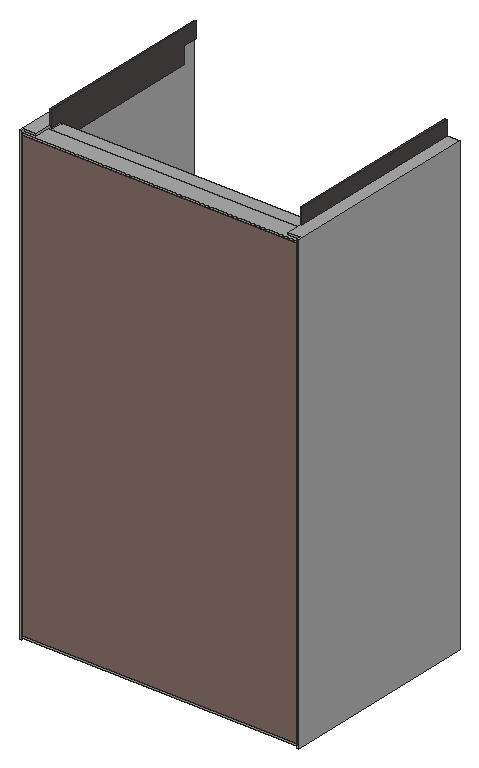
Revit family "vanity unit-hansgrohe-54168XXX-Xevolos E Vanity unit Slate Matt Grey 340_245 for handrinse basin, door hinge left", category Furniture, Revit 2019
Family settings
  OmniClass Number = 23.40.00.00
  OmniClass Title = Equipment and Furnishings
  Work Plane-Based = No
  Always vertical = Yes
  Cut with Voids When Loaded = No
  Shared = Yes
  Room Calculation Point = No
Parameters (values of type "54168730-SLATE_MATT_GREY-DARK_OAK-400")
  etim7_EC011381 = "EC011381"
  WEIGHT = "9.2"
  UNSPSC = "56 | Furniture and Furnishings"
  UNIFORMATII = "E2010 | Fixed Furnishings"
  UNICLASS_2015_CODE = "40_30_78_05"
  UNICLASS2015 = "Pr_40_30_78_05 | Bathroom furniture"
  SURFACE = "DARK_OAK"
  REGION = "Worldwide"
  PRODUCTURL = "https://pro.hansgrohe.com/articledetail--54168770"
  PERMALINK = "54168XXX"
  OMNICLASS = "23-21 19 15 33 13 | Residential Bathroom Specialty Casework"
  OBJECTTYPE = "Object (single object)"
  OBERFLAECHE = "SLATE_MATT_GREY"
  NN = "Vanity Unit for handrinse basin, door hinge"
  NBSYN = "$ARTNR.-$OBERFLAECHE.-$SURFACE.-$LODLEVEL."
  NB = "54168730-SLATE_MATT_GREY-DARK_OAK-400"
  NAME = "Xevolos E Vanity unit Slate Matt Grey 340/245 for handrinse basin, door hinge left"
  Model = "54168730-SLATE_MATT_GREY-DARK_OAK-400"
  Manufacturer = "Hansgrohe"
  MIdent = "{$CADENAS_DATA/23d-libs/hansgrohe/xevolos_furniture/xevolos_vanity_unit_for_handrinse_basin_door_hinge/vanity_unit_for_handrinse_basin_with_door_hing.prj},259 {VTYP=3D},{NB=54168730-SLATE_MATT_GREY-DARK_OAK-400},{LINA=54168730-SLATE_MATT_GREY-DARK_OAK-400},{NN=Vanity Unit for handrinse basin, door hinge},{DATE=13.03.2023 12:26:36},{GEOMDATE=12.03.2023 06:59:00},{VERSION=},{LINEID=80},{WBVAR=LODLEVEL},{WBNUMERIC=}  {NB=54168730-SLATE_MATT_GREY-DARK_OAK-400},{LINA=54168730-SLATE_MATT_GREY-DARK_OAK-400},{KT=DUMMY},{IDNR=8},{ARTNR=54168730},{BASENUMBER=54168},{MODEL=54168XXX},{OBERFLAECHE=SLATE_MATT_GREY},{SURFACE=DARK_OAK},{L=340},{LODLEVEL=400},{LODLEVELX='400','400','200','200'},{NAME=Xevolos E Vanity unit Slate Matt Grey 340/245 for handrinse basin, door hinge left},{PERMALINK=54168XXX},{OBJECTTYPE=Object (single object)},{BIMOBJECT=Sanitary: Compound units},{COLLECTIONSET=Xevolos E},{COLLECTION=vanity unit},{WEIGHT=9.2},{DESCRIPTION=Xevolos E Vanity unit Slate Matt Grey 340/245 for handrinse basin, door hinge left},{PRODUCTURL=https://pro.hansgrohe.com/articledetail--54168770},{GTINCODE=},{TENDERURL=},{IFC=Furnishing element},{ETIM=EC011381 | Bathroom furniture set},{UNICLASS2015=Pr_40_30_78_05 | Bathroom furniture},{OMNICLASS=23-21 19 15 33 13 | Residential Bathroom Specialty Casework},{MASTERFORMAT=12 35 30.23 | Bathroom Casework},{UNSPSC=56 | Furniture and Furnishings},{UNIFORMATII=E2010 | Fixed Furnishings},{REGION=Worldwide},{DESIGN=Germany},{MANUFACTURER=Germany}"
  MASTERFORMAT = "12 35 30.23 | Bathroom Casework"
  LODLEVEL = "400"
  LINA = "54168730-SLATE_MATT_GREY-DARK_OAK-400"
  L = 340
  IFC = "Furnishing element"
  IDNR = 8
  ETIM = "EC011381 | Bathroom furniture set"
  DESIGN = "Germany"
  COLLECTIONSET = "Xevolos E"
  COLLECTION = "vanity unit"
  CATALOG = "Hansgrohe"
  BIMOBJECT = "Sanitary: Compound units"
  BASENUMBER = "54168"
  ARTNR = "54168730"
  54168770-SLATE_MATT_GREY-METALLIC_SLATE_GREY-400_RX0RY0RZ0TX0TY0TZ0_V = no
  54168770-SLATE_MATT_GREY-METALLIC_SLATE_GREY-200_RX0RY0RZ0TX0TY0TZ0_V = no
  54168730-SLATE_MATT_GREY-DARK_OAK-400_RX0RY0RZ0TX0TY0TZ0_V = yes
  54168730-SLATE_MATT_GREY-DARK_OAK-200_RX0RY0RZ0TX0TY0TZ0_V = no
  54168390-SLATE_MATT_GREY-PATTEREND_BRONZE-400_RX0RY0RZ0TX0TY0TZ0_V = no
  54168390-SLATE_MATT_GREY-PATTEREND_BRONZE-200_RX0RY0RZ0TX0TY0TZ0_V = no
Types (6, lengths in mm): name | SURFACE | NB | Model | MIdent | LODLEVEL | LINA | IDNR | ARTNR | 54168770-SLATE_MATT_GREY-METALLIC_SLATE_GREY-400_RX0RY0RZ0TX0TY0TZ0_V | 54168770-SLATE_MATT_GREY-METALLIC_SLATE_GREY-200_RX0RY0RZ0TX0TY0TZ0_V | 54168730-SLATE_MATT_GREY-DARK_OAK-400_RX0RY0RZ0TX0TY0TZ0_V | 54168730-SLATE_MATT_GREY-DARK_OAK-200_RX0RY0RZ0TX0TY0TZ0_V | 54168390-SLATE_MATT_GREY-PATTEREND_BRONZE-400_RX0RY0RZ0TX0TY0TZ0_V | 54168390-SLATE_MATT_GREY-PATTEREND_BRONZE-200_RX0RY0RZ0TX0TY0TZ0_V
  54168390-SLATE_MATT_GREY-PATTEREND_BRONZE-200 | "PATTEREND_BRONZE" | "54168390-SLATE_MATT_GREY-PATTEREND_BRONZE-200" | "54168390-SLATE_MATT_GREY-PATTEREND_BRONZE-200" | "{$CADENAS_DATA/23d-libs/hansgrohe/xevolos_furniture/xevolos_vanity_unit_for_handrinse_basin_door_hinge/vanity_unit_for_handrinse_basin_with_door_hing.prj},275 {VTYP=3D},{NB=54168390-SLATE_MATT_GREY-PATTEREND_BRONZE-200},{LINA=54168390-SLATE_MATT_GREY-PATTEREND_BRONZE-200},{NN=Vanity Unit for handrinse basin, door hinge},{DATE=13.03.2023 12:26:36},{GEOMDATE=12.03.2023 06:59:00},{VERSION=},{LINEID=70},{WBVAR=LODLEVEL},{WBNUMERIC=}  {NB=54168390-SLATE_MATT_GREY-PATTEREND_BRONZE-200},{LINA=54168390-SLATE_MATT_GREY-PATTEREND_BRONZE-200},{KT=DUMMY},{IDNR=7},{ARTNR=54168390},{BASENUMBER=54168},{MODEL=54168XXX},{OBERFLAECHE=SLATE_MATT_GREY},{SURFACE=PATTEREND_BRONZE},{L=340},{LODLEVEL=200},{LODLEVELX='400','400','200','200'},{NAME=Xevolos E Vanity unit Slate Matt Grey 340/245 for handrinse basin, door hinge left},{PERMALINK=54168XXX},{OBJECTTYPE=Object (single object)},{BIMOBJECT=Sanitary: Compound units},{COLLECTIONSET=Xevolos E},{COLLECTION=vanity unit},{WEIGHT=9.2},{DESCRIPTION=Xevolos E Vanity unit Slate Matt Grey 340/245 for handrinse basin, door hinge left},{PRODUCTURL=https://pro.hansgrohe.com/articledetail--54168770},{GTINCODE=},{TENDERURL=},{IFC=Furnishing element},{ETIM=EC011381 | Bathroom furniture set},{UNICLASS2015=Pr_40_30_78_05 | Bathroom furniture},{OMNICLASS=23-21 19 15 33 13 | Residential Bathroom Specialty Casework},{MASTERFORMAT=12 35 30.23 | Bathroom Casework},{UNSPSC=56 | Furniture and Furnishings},{UNIFORMATII=E2010 | Fixed Furnishings},{REGION=Worldwide},{DESIGN=Germany},{MANUFACTURER=Germany}" | "200" | "54168390-SLATE_MATT_GREY-PATTEREND_BRONZE-200" | 7 | "54168390" | no | no | no | no | no | yes
  54168390-SLATE_MATT_GREY-PATTEREND_BRONZE-400 | "PATTEREND_BRONZE" | "54168390-SLATE_MATT_GREY-PATTEREND_BRONZE-400" | "54168390-SLATE_MATT_GREY-PATTEREND_BRONZE-400" | "{$CADENAS_DATA/23d-libs/hansgrohe/xevolos_furniture/xevolos_vanity_unit_for_handrinse_basin_door_hinge/vanity_unit_for_handrinse_basin_with_door_hing.prj},275 {VTYP=3D},{NB=54168390-SLATE_MATT_GREY-PATTEREND_BRONZE-400},{LINA=54168390-SLATE_MATT_GREY-PATTEREND_BRONZE-400},{NN=Vanity Unit for handrinse basin, door hinge},{DATE=13.03.2023 12:26:36},{GEOMDATE=12.03.2023 06:59:00},{VERSION=},{LINEID=70},{WBVAR=LODLEVEL},{WBNUMERIC=}  {NB=54168390-SLATE_MATT_GREY-PATTEREND_BRONZE-400},{LINA=54168390-SLATE_MATT_GREY-PATTEREND_BRONZE-400},{KT=DUMMY},{IDNR=7},{ARTNR=54168390},{BASENUMBER=54168},{MODEL=54168XXX},{OBERFLAECHE=SLATE_MATT_GREY},{SURFACE=PATTEREND_BRONZE},{L=340},{LODLEVEL=400},{LODLEVELX='400','400','200','200'},{NAME=Xevolos E Vanity unit Slate Matt Grey 340/245 for handrinse basin, door hinge left},{PERMALINK=54168XXX},{OBJECTTYPE=Object (single object)},{BIMOBJECT=Sanitary: Compound units},{COLLECTIONSET=Xevolos E},{COLLECTION=vanity unit},{WEIGHT=9.2},{DESCRIPTION=Xevolos E Vanity unit Slate Matt Grey 340/245 for handrinse basin, door hinge left},{PRODUCTURL=https://pro.hansgrohe.com/articledetail--54168770},{GTINCODE=},{TENDERURL=},{IFC=Furnishing element},{ETIM=EC011381 | Bathroom furniture set},{UNICLASS2015=Pr_40_30_78_05 | Bathroom furniture},{OMNICLASS=23-21 19 15 33 13 | Residential Bathroom Specialty Casework},{MASTERFORMAT=12 35 30.23 | Bathroom Casework},{UNSPSC=56 | Furniture and Furnishings},{UNIFORMATII=E2010 | Fixed Furnishings},{REGION=Worldwide},{DESIGN=Germany},{MANUFACTURER=Germany}" | "400" | "54168390-SLATE_MATT_GREY-PATTEREND_BRONZE-400" | 7 | "54168390" | no | no | no | no | yes | no
  54168730-SLATE_MATT_GREY-DARK_OAK-200 | "DARK_OAK" | "54168730-SLATE_MATT_GREY-DARK_OAK-200" | "54168730-SLATE_MATT_GREY-DARK_OAK-200" | "{$CADENAS_DATA/23d-libs/hansgrohe/xevolos_furniture/xevolos_vanity_unit_for_handrinse_basin_door_hinge/vanity_unit_for_handrinse_basin_with_door_hing.prj},259 {VTYP=3D},{NB=54168730-SLATE_MATT_GREY-DARK_OAK-200},{LINA=54168730-SLATE_MATT_GREY-DARK_OAK-200},{NN=Vanity Unit for handrinse basin, door hinge},{DATE=13.03.2023 12:26:36},{GEOMDATE=12.03.2023 06:59:00},{VERSION=},{LINEID=80},{WBVAR=LODLEVEL},{WBNUMERIC=}  {NB=54168730-SLATE_MATT_GREY-DARK_OAK-200},{LINA=54168730-SLATE_MATT_GREY-DARK_OAK-200},{KT=DUMMY},{IDNR=8},{ARTNR=54168730},{BASENUMBER=54168},{MODEL=54168XXX},{OBERFLAECHE=SLATE_MATT_GREY},{SURFACE=DARK_OAK},{L=340},{LODLEVEL=200},{LODLEVELX='400','400','200','200'},{NAME=Xevolos E Vanity unit Slate Matt Grey 340/245 for handrinse basin, door hinge left},{PERMALINK=54168XXX},{OBJECTTYPE=Object (single object)},{BIMOBJECT=Sanitary: Compound units},{COLLECTIONSET=Xevolos E},{COLLECTION=vanity unit},{WEIGHT=9.2},{DESCRIPTION=Xevolos E Vanity unit Slate Matt Grey 340/245 for handrinse basin, door hinge left},{PRODUCTURL=https://pro.hansgrohe.com/articledetail--54168770},{GTINCODE=},{TENDERURL=},{IFC=Furnishing element},{ETIM=EC011381 | Bathroom furniture set},{UNICLASS2015=Pr_40_30_78_05 | Bathroom furniture},{OMNICLASS=23-21 19 15 33 13 | Residential Bathroom Specialty Casework},{MASTERFORMAT=12 35 30.23 | Bathroom Casework},{UNSPSC=56 | Furniture and Furnishings},{UNIFORMATII=E2010 | Fixed Furnishings},{REGION=Worldwide},{DESIGN=Germany},{MANUFACTURER=Germany}" | "200" | "54168730-SLATE_MATT_GREY-DARK_OAK-200" | 8 | "54168730" | no | no | no | yes | no | no
  54168730-SLATE_MATT_GREY-DARK_OAK-400 | "DARK_OAK" | "54168730-SLATE_MATT_GREY-DARK_OAK-400" | "54168730-SLATE_MATT_GREY-DARK_OAK-400" | "{$CADENAS_DATA/23d-libs/hansgrohe/xevolos_furniture/xevolos_vanity_unit_for_handrinse_basin_door_hinge/vanity_unit_for_handrinse_basin_with_door_hing.prj},259 {VTYP=3D},{NB=54168730-SLATE_MATT_GREY-DARK_OAK-400},{LINA=54168730-SLATE_MATT_GREY-DARK_OAK-400},{NN=Vanity Unit for handrinse basin, door hinge},{DATE=13.03.2023 12:26:36},{GEOMDATE=12.03.2023 06:59:00},{VERSION=},{LINEID=80},{WBVAR=LODLEVEL},{WBNUMERIC=}  {NB=54168730-SLATE_MATT_GREY-DARK_OAK-400},{LINA=54168730-SLATE_MATT_GREY-DARK_OAK-400},{KT=DUMMY},{IDNR=8},{ARTNR=54168730},{BASENUMBER=54168},{MODEL=54168XXX},{OBERFLAECHE=SLATE_MATT_GREY},{SURFACE=DARK_OAK},{L=340},{LODLEVEL=400},{LODLEVELX='400','400','200','200'},{NAME=Xevolos E Vanity unit Slate Matt Grey 340/245 for handrinse basin, door hinge left},{PERMALINK=54168XXX},{OBJECTTYPE=Object (single object)},{BIMOBJECT=Sanitary: Compound units},{COLLECTIONSET=Xevolos E},{COLLECTION=vanity unit},{WEIGHT=9.2},{DESCRIPTION=Xevolos E Vanity unit Slate Matt Grey 340/245 for handrinse basin, door hinge left},{PRODUCTURL=https://pro.hansgrohe.com/articledetail--54168770},{GTINCODE=},{TENDERURL=},{IFC=Furnishing element},{ETIM=EC011381 | Bathroom furniture set},{UNICLASS2015=Pr_40_30_78_05 | Bathroom furniture},{OMNICLASS=23-21 19 15 33 13 | Residential Bathroom Specialty Casework},{MASTERFORMAT=12 35 30.23 | Bathroom Casework},{UNSPSC=56 | Furniture and Furnishings},{UNIFORMATII=E2010 | Fixed Furnishings},{REGION=Worldwide},{DESIGN=Germany},{MANUFACTURER=Germany}" | "400" | "54168730-SLATE_MATT_GREY-DARK_OAK-400" | 8 | "54168730" | no | no | yes | no | no | no
  54168770-SLATE_MATT_GREY-METALLIC_SLATE_GREY-200 | "METALLIC_SLATE_GREY" | "54168770-SLATE_MATT_GREY-METALLIC_SLATE_GREY-200" | "54168770-SLATE_MATT_GREY-METALLIC_SLATE_GREY-200" | "{$CADENAS_DATA/23d-libs/hansgrohe/xevolos_furniture/xevolos_vanity_unit_for_handrinse_basin_door_hinge/vanity_unit_for_handrinse_basin_with_door_hing.prj},281 {VTYP=3D},{NB=54168770-SLATE_MATT_GREY-METALLIC_SLATE_GREY-200},{LINA=54168770-SLATE_MATT_GREY-METALLIC_SLATE_GREY-200},{NN=Vanity Unit for handrinse basin, door hinge},{DATE=13.03.2023 12:26:36},{GEOMDATE=12.03.2023 06:59:00},{VERSION=},{LINEID=90},{WBVAR=LODLEVEL},{WBNUMERIC=}  {NB=54168770-SLATE_MATT_GREY-METALLIC_SLATE_GREY-200},{LINA=54168770-SLATE_MATT_GREY-METALLIC_SLATE_GREY-200},{KT=DUMMY},{IDNR=9},{ARTNR=54168770},{BASENUMBER=54168},{MODEL=54168XXX},{OBERFLAECHE=SLATE_MATT_GREY},{SURFACE=METALLIC_SLATE_GREY},{L=340},{LODLEVEL=200},{LODLEVELX='400','400','200','200'},{NAME=Xevolos E Vanity unit Slate Matt Grey 340/245 for handrinse basin, door hinge left},{PERMALINK=54168XXX},{OBJECTTYPE=Object (single object)},{BIMOBJECT=Sanitary: Compound units},{COLLECTIONSET=Xevolos E},{COLLECTION=vanity unit},{WEIGHT=9.2},{DESCRIPTION=Xevolos E Vanity unit Slate Matt Grey 340/245 for handrinse basin, door hinge left},{PRODUCTURL=https://pro.hansgrohe.com/articledetail--54168770},{GTINCODE=},{TENDERURL=},{IFC=Furnishing element},{ETIM=EC011381 | Bathroom furniture set},{UNICLASS2015=Pr_40_30_78_05 | Bathroom furniture},{OMNICLASS=23-21 19 15 33 13 | Residential Bathroom Specialty Casework},{MASTERFORMAT=12 35 30.23 | Bathroom Casework},{UNSPSC=56 | Furniture and Furnishings},{UNIFORMATII=E2010 | Fixed Furnishings},{REGION=Worldwide},{DESIGN=Germany},{MANUFACTURER=Germany}" | "200" | "54168770-SLATE_MATT_GREY-METALLIC_SLATE_GREY-200" | 9 | "54168770" | no | yes | no | no | no | no
  54168770-SLATE_MATT_GREY-METALLIC_SLATE_GREY-400 | "METALLIC_SLATE_GREY" | "54168770-SLATE_MATT_GREY-METALLIC_SLATE_GREY-400" | "54168770-SLATE_MATT_GREY-METALLIC_SLATE_GREY-400" | "{$CADENAS_DATA/23d-libs/hansgrohe/xevolos_furniture/xevolos_vanity_unit_for_handrinse_basin_door_hinge/vanity_unit_for_handrinse_basin_with_door_hing.prj},281 {VTYP=3D},{NB=54168770-SLATE_MATT_GREY-METALLIC_SLATE_GREY-400},{LINA=54168770-SLATE_MATT_GREY-METALLIC_SLATE_GREY-400},{NN=Vanity Unit for handrinse basin, door hinge},{DATE=13.03.2023 12:26:36},{GEOMDATE=12.03.2023 06:59:00},{VERSION=},{LINEID=90},{WBVAR=LODLEVEL},{WBNUMERIC=}  {NB=54168770-SLATE_MATT_GREY-METALLIC_SLATE_GREY-400},{LINA=54168770-SLATE_MATT_GREY-METALLIC_SLATE_GREY-400},{KT=DUMMY},{IDNR=9},{ARTNR=54168770},{BASENUMBER=54168},{MODEL=54168XXX},{OBERFLAECHE=SLATE_MATT_GREY},{SURFACE=METALLIC_SLATE_GREY},{L=340},{LODLEVEL=400},{LODLEVELX='400','400','200','200'},{NAME=Xevolos E Vanity unit Slate Matt Grey 340/245 for handrinse basin, door hinge left},{PERMALINK=54168XXX},{OBJECTTYPE=Object (single object)},{BIMOBJECT=Sanitary: Compound units},{COLLECTIONSET=Xevolos E},{COLLECTION=vanity unit},{WEIGHT=9.2},{DESCRIPTION=Xevolos E Vanity unit Slate Matt Grey 340/245 for handrinse basin, door hinge left},{PRODUCTURL=https://pro.hansgrohe.com/articledetail--54168770},{GTINCODE=},{TENDERURL=},{IFC=Furnishing element},{ETIM=EC011381 | Bathroom furniture set},{UNICLASS2015=Pr_40_30_78_05 | Bathroom furniture},{OMNICLASS=23-21 19 15 33 13 | Residential Bathroom Specialty Casework},{MASTERFORMAT=12 35 30.23 | Bathroom Casework},{UNSPSC=56 | Furniture and Furnishings},{UNIFORMATII=E2010 | Fixed Furnishings},{REGION=Worldwide},{DESIGN=Germany},{MANUFACTURER=Germany}" | "400" | "54168770-SLATE_MATT_GREY-METALLIC_SLATE_GREY-400" | 9 | "54168770" | yes | no | no | no | no | no
Reference planes
  plane 1 "Center (Front/Back)": y = 0
  plane 2: z = 0
  plane 3 "Center (Left/Right)": x = 0
Dimensions and locks
  aligned and locked: level to plane 2
Nested families
  nested 1: "54168390-slate_matt_grey-patterend_bronze-200_content" at (0, 0, 0), visible <- "54168390-SLATE_MATT_GREY-PATTEREND_BRONZE-200_RX0RY0RZ0TX0TY0TZ0_V", ContentVisible <- "54168390-SLATE_MATT_GREY-PATTEREND_BRONZE-200_RX0RY0RZ0TX0TY0TZ0_V", type "54168390-SLATE_MATT_GREY-PATTEREND_BRONZE-200_Content"
    with ContentVisible no
  nested 2: "54168390-slate_matt_grey-patterend_bronze-400_content" at (0, 0, 0), visible <- "54168390-SLATE_MATT_GREY-PATTEREND_BRONZE-400_RX0RY0RZ0TX0TY0TZ0_V", ContentVisible <- "54168390-SLATE_MATT_GREY-PATTEREND_BRONZE-400_RX0RY0RZ0TX0TY0TZ0_V", type "54168390-SLATE_MATT_GREY-PATTEREND_BRONZE-400_Content"
    with ContentVisible no
  nested 3: "54168730-slate_matt_grey-dark_oak-200_content" at (0, 0, 0), visible <- "54168730-SLATE_MATT_GREY-DARK_OAK-200_RX0RY0RZ0TX0TY0TZ0_V", ContentVisible <- "54168730-SLATE_MATT_GREY-DARK_OAK-200_RX0RY0RZ0TX0TY0TZ0_V", type "54168730-SLATE_MATT_GREY-DARK_OAK-200_Content"
    with ContentVisible no
  nested 4: "54168730-slate_matt_grey-dark_oak-400_content" at (0, 0, 0), visible <- "54168730-SLATE_MATT_GREY-DARK_OAK-400_RX0RY0RZ0TX0TY0TZ0_V", ContentVisible <- "54168730-SLATE_MATT_GREY-DARK_OAK-400_RX0RY0RZ0TX0TY0TZ0_V", type "54168730-SLATE_MATT_GREY-DARK_OAK-400_Content"
    with ContentVisible yes
  nested 5: "54168770-slate_matt_grey-metallic_slate_grey-200_content" at (0, 0, 0), visible <- "54168770-SLATE_MATT_GREY-METALLIC_SLATE_GREY-200_RX0RY0RZ0TX0TY0TZ0_V", ContentVisible <- "54168770-SLATE_MATT_GREY-METALLIC_SLATE_GREY-200_RX0RY0RZ0TX0TY0TZ0_V", type "54168770-SLATE_MATT_GREY-METALLIC_SLATE_GREY-200_Content"
    with ContentVisible no
  nested 6: "54168770-slate_matt_grey-metallic_slate_grey-400_content" at (0, 0, 0), visible <- "54168770-SLATE_MATT_GREY-METALLIC_SLATE_GREY-400_RX0RY0RZ0TX0TY0TZ0_V", ContentVisible <- "54168770-SLATE_MATT_GREY-METALLIC_SLATE_GREY-400_RX0RY0RZ0TX0TY0TZ0_V", type "54168770-SLATE_MATT_GREY-METALLIC_SLATE_GREY-400_Content"
    with ContentVisible no
Definition of nested family "54168730-slate_matt_grey-dark_oak-400_content"
  Parameters (values of type "54168730-SLATE_MATT_GREY-DARK_OAK-400_Content")
    etim7_EC011381 = "EC011381"
    WEIGHT = "9.2"
    UNSPSC = "56 | Furniture and Furnishings"
    UNIFORMATII = "E2010 | Fixed Furnishings"
    UNICLASS_2015_CODE = "40_30_78_05"
    UNICLASS2015 = "Pr_40_30_78_05 | Bathroom furniture"
    SURFACE = "DARK_OAK"
    REGION = "Worldwide"
    PRODUCTURL = "https://pro.hansgrohe.com/articledetail--54168770"
    PERMALINK = "54168XXX"
    OMNICLASS = "23-21 19 15 33 13 | Residential Bathroom Specialty Casework"
    OBJECTTYPE = "Object (single object)"
    OBERFLAECHE = "SLATE_MATT_GREY"
    NN = "Vanity Unit for handrinse basin, door hinge"
    NBSYN = "$ARTNR.-$OBERFLAECHE.-$SURFACE.-$LODLEVEL."
    NB = "54168730-SLATE_MATT_GREY-DARK_OAK-400"
    NAME = "Xevolos E Vanity unit Slate Matt Grey 340/245 for handrinse basin, door hinge left"
    Model = "54168730-SLATE_MATT_GREY-DARK_OAK-400"
    Manufacturer = "Hansgrohe"
    MASTERFORMAT = "12 35 30.23 | Bathroom Casework"
    LODLEVEL = "400"
    LINA = "54168730-SLATE_MATT_GREY-DARK_OAK-400"
    L = 340
    IFC = "Furnishing element"
    IDNR = 8
    ETIM = "EC011381 | Bathroom furniture set"
    Default Elevation = 1219.2 mm
    DESIGN = "Germany"
    ContentVisible [instance] = yes
    COLLECTIONSET = "Xevolos E"
    COLLECTION = "vanity unit"
    CATALOG = "Hansgrohe"
    BIMOBJECT = "Sanitary: Compound units"
    BASENUMBER = "54168"
    ARTNR = "54168730"
  Reference planes
    plane 1 "Center (Front/Back)": y = 0
    plane 2: z = 0
    plane 3 "Center (Left/Right)": x = 0
  Forms (mm)
    Extrusion 1, solid, visible <- "ContentVisible", detail levels medium+fine
      sketch origin (0, 0, 0) x (1, 0, 0) y (0, 1, 0)
        loop
          line (-170, 0) -> (-170, -245.25) -> (-168, -245.25) -> (-168, -241.25) -> (-154, -241.25) -> (-154, 0) -> (-170, 0)
      from 0 to 556
    Extrusion 2, solid, visible <- "ContentVisible", detail levels medium+fine
      sketch origin (0, 0, 0) x (1, 0, 0) y (0, 1, 0)
        loop
          line (-154, -20) -> (-154, -219.5) -> (154, -219.5) -> (154, -20) -> (-154, -20)
      from 0 to 16
    Extrusion 3, solid, visible <- "ContentVisible", detail levels medium+fine
      sketch origin (0, 0, 0) x (1, 0, 0) y (0, 1, 0)
        loop
          line (154, 0) -> (154, -241.25) -> (168, -241.25) -> (168, -245.25) -> (170, -245.25) -> (170, 0) -> (154, 0)
      from 0 to 556
    Extrusion 4, solid, visible <- "ContentVisible", detail levels medium+fine
      sketch origin (0, 0, 0.5) x (1, 0, 0) y (0, 1, 0)
        loop
          line (-154, -4) -> (-154, -20) -> (154, -20) -> (154, -4) -> (-154, -4)
      from 0 to 126
    Extrusion 5, solid, visible <- "ContentVisible", detail levels medium+fine
      sketch origin (0, 0, 2) x (1, 0, 0) y (0, 1, 0)
        loop
          line (-168, -223.95) -> (-168, -245.25) -> (168, -245.25) -> (168, -223.95) -> (-168, -223.95)
      from 0 to 2
    Extrusion 6, solid, visible <- "ContentVisible", detail levels medium+fine
      sketch origin (0, 0, 554) x (1, 0, 0) y (0, 1, 0)
        loop
          line (-168, -223.95) -> (-168, -245.25) -> (168, -245.25) -> (168, -223.95) -> (-168, -223.95)
      from -2 to 0
    Extrusion 7, solid, visible <- "ContentVisible", detail levels medium+fine
      sketch origin (0, -241.25, 0) x (1, 0, 0) y (0, 0, -1)
        loop
          line (-168, -552) -> (168, -552) -> (168, -4) -> (-168, -4) -> (-168, -552)
      from -4 to 0
    Extrusion 8, solid, visible <- "ContentVisible", detail levels medium+fine
      sketch origin (0, -241.25, 0) x (1, 0, 0) y (0, 0, -1)
        loop
          line (-154, -552) -> (154, -552) -> (154, -4) -> (-154, -4) -> (-154, -552)
        loop
          line (-95, -78) -> (-95, -474) -> (95, -474) -> (95, -78) -> (-95, -78)
      from 0 to 17.3
    Extrusion 9, solid, visible <- "ContentVisible", detail levels medium+fine
      sketch origin (-154, 0, 0) x (0, 0, -1) y (0, 1, 0)
        loop
          line (-574, 0) -> (-574, -220) -> (-554, -220) -> (-554, -203.5) -> (-534, -203.5) -> (-534, -17.5) -> (-554, -17.5) -> (-554, 0) -> (-574, 0)
      from 0 to 2
    Extrusion 10, solid, visible <- "ContentVisible", detail levels medium+fine
      sketch origin (154, 0, 0) x (0, 0, -1) y (0, 1, 0)
        loop
          line (-574, 0) -> (-574, -220) -> (-554, -220) -> (-554, -203.5) -> (-534, -203.5) -> (-534, -17.5) -> (-554, -17.5) -> (-554, 0) -> (-574, 0)
      from -2 to 0
    Extrusion 11, solid, visible <- "ContentVisible", detail levels medium+fine
      sketch origin (0, 0, 0) x (0, 0, -1) y (0, 1, 0)
        loop
          line (-551, -203.5) -> (-551, -219.5) -> (-477, -219.5) -> (-477, -203.5) -> (-551, -203.5)
      from -154 to 154
    Extrusion 12, solid, visible <- "ContentVisible", detail levels coarse
      sketch origin (0, -122.625, 0) x (1, 0, 0) y (0, 1, 0)
        loop
          line (-170, -122.625) -> (170, -122.625) -> (170, 122.625) -> (-170, 122.625) -> (-170, -122.625)
      from 0 to 574
  Dimensions and locks
    aligned and locked: level to plane 2
Definition of nested family "54168390-slate_matt_grey-patterend_bronze-200_content"
  Parameters (values of type "54168390-SLATE_MATT_GREY-PATTEREND_BRONZE-200_Content")
    etim7_EC011381 = "EC011381"
    WEIGHT = "9.2"
    UNSPSC = "56 | Furniture and Furnishings"
    UNIFORMATII = "E2010 | Fixed Furnishings"
    UNICLASS_2015_CODE = "40_30_78_05"
    UNICLASS2015 = "Pr_40_30_78_05 | Bathroom furniture"
    SURFACE = "PATTEREND_BRONZE"
    REGION = "Worldwide"
    PRODUCTURL = "https://pro.hansgrohe.com/articledetail--54168770"
    PERMALINK = "54168XXX"
    OMNICLASS = "23-21 19 15 33 13 | Residential Bathroom Specialty Casework"
    OBJECTTYPE = "Object (single object)"
    OBERFLAECHE = "SLATE_MATT_GREY"
    NN = "Vanity Unit for handrinse basin, door hinge"
    NBSYN = "$ARTNR.-$OBERFLAECHE.-$SURFACE.-$LODLEVEL."
    NB = "54168390-SLATE_MATT_GREY-PATTEREND_BRONZE-200"
    NAME = "Xevolos E Vanity unit Slate Matt Grey 340/245 for handrinse basin, door hinge left"
    Model = "54168390-SLATE_MATT_GREY-PATTEREND_BRONZE-200"
    Manufacturer = "Hansgrohe"
    MASTERFORMAT = "12 35 30.23 | Bathroom Casework"
    LODLEVEL = "200"
    LINA = "54168390-SLATE_MATT_GREY-PATTEREND_BRONZE-200"
    L = 340
    IFC = "Furnishing element"
    IDNR = 7
    ETIM = "EC011381 | Bathroom furniture set"
    Default Elevation = 1219.2 mm
    DESIGN = "Germany"
    ContentVisible [instance] = yes
    COLLECTIONSET = "Xevolos E"
    COLLECTION = "vanity unit"
    CATALOG = "Hansgrohe"
    BIMOBJECT = "Sanitary: Compound units"
    BASENUMBER = "54168"
    ARTNR = "54168390"
  Reference planes
    plane 1 "Center (Front/Back)": y = 0
    plane 2: z = 0
    plane 3 "Center (Left/Right)": x = 0
  Forms (mm)
    Extrusion 1, solid, visible <- "ContentVisible", detail levels medium+fine
      sketch origin (0, 0, 0) x (1, 0, 0) y (0, 1, 0)
        loop
          line (-170, 0) -> (-170, -241.25) -> (170, -241.25) -> (170, 0) -> (-170, 0)
      from 0 to 556
    Extrusion 2, solid, visible <- "ContentVisible", detail levels medium+fine
      sketch origin (0, -241.25, 0) x (1, 0, 0) y (0, 0, -1)
        loop
          line (-170, -278) -> (-168, -278) -> (-168, -4) -> (168, -4) -> (168, -278) -> (170, -278) -> (170, -2) -> (-170, -2) -> (-170, -278)
      from -4 to 0
    Extrusion 3, solid, visible <- "ContentVisible", detail levels medium+fine
      sketch origin (0, -241.25, 0) x (1, 0, 0) y (0, 0, -1)
        loop
          line (-170, -278) -> (-170, -554) -> (170, -554) -> (170, -278) -> (168, -278) -> (168, -552) -> (-168, -552) -> (-168, -278) -> (-170, -278)
      from -4 to 0
    Extrusion 4, solid, visible <- "ContentVisible", detail levels medium+fine
      sketch origin (0, -241.25, 0) x (1, 0, 0) y (0, 0, -1)
        loop
          line (-168, -552) -> (168, -552) -> (168, -4) -> (-168, -4) -> (-168, -552)
      from -4 to 0
    Extrusion 5, solid, visible <- "ContentVisible", detail levels medium+fine
      sketch origin (-154, 0, 0) x (0, 0, -1) y (0, 1, 0)
        loop
          line (-574, 0) -> (-574, -220) -> (-554, -220) -> (-554, -203.5) -> (-534, -203.5) -> (-534, -17.5) -> (-554, -17.5) -> (-554, 0) -> (-574, 0)
      from 0 to 2
    Extrusion 6, solid, visible <- "ContentVisible", detail levels medium+fine
      sketch origin (154, 0, 0) x (0, 0, -1) y (0, 1, 0)
        loop
          line (-574, 0) -> (-574, -220) -> (-554, -220) -> (-554, -203.5) -> (-534, -203.5) -> (-534, -17.5) -> (-554, -17.5) -> (-554, 0) -> (-574, 0)
      from -2 to 0
    Extrusion 7, solid, visible <- "ContentVisible", detail levels coarse
      sketch origin (0, -122.625, 0) x (1, 0, 0) y (0, 1, 0)
        loop
          line (-170, -122.625) -> (170, -122.625) -> (170, 122.625) -> (-170, 122.625) -> (-170, -122.625)
      from 0 to 574
  Dimensions and locks
    aligned and locked: level to plane 2
Definition of nested family "54168390-slate_matt_grey-patterend_bronze-400_content"
  Parameters (values of type "54168390-SLATE_MATT_GREY-PATTEREND_BRONZE-400_Content")
    etim7_EC011381 = "EC011381"
    WEIGHT = "9.2"
    UNSPSC = "56 | Furniture and Furnishings"
    UNIFORMATII = "E2010 | Fixed Furnishings"
    UNICLASS_2015_CODE = "40_30_78_05"
    UNICLASS2015 = "Pr_40_30_78_05 | Bathroom furniture"
    SURFACE = "PATTEREND_BRONZE"
    REGION = "Worldwide"
    PRODUCTURL = "https://pro.hansgrohe.com/articledetail--54168770"
    PERMALINK = "54168XXX"
    OMNICLASS = "23-21 19 15 33 13 | Residential Bathroom Specialty Casework"
    OBJECTTYPE = "Object (single object)"
    OBERFLAECHE = "SLATE_MATT_GREY"
    NN = "Vanity Unit for handrinse basin, door hinge"
    NBSYN = "$ARTNR.-$OBERFLAECHE.-$SURFACE.-$LODLEVEL."
    NB = "54168390-SLATE_MATT_GREY-PATTEREND_BRONZE-400"
    NAME = "Xevolos E Vanity unit Slate Matt Grey 340/245 for handrinse basin, door hinge left"
    Model = "54168390-SLATE_MATT_GREY-PATTEREND_BRONZE-400"
    Manufacturer = "Hansgrohe"
    MASTERFORMAT = "12 35 30.23 | Bathroom Casework"
    LODLEVEL = "400"
    LINA = "54168390-SLATE_MATT_GREY-PATTEREND_BRONZE-400"
    L = 340
    IFC = "Furnishing element"
    IDNR = 7
    ETIM = "EC011381 | Bathroom furniture set"
    Default Elevation = 1219.2 mm
    DESIGN = "Germany"
    ContentVisible [instance] = yes
    COLLECTIONSET = "Xevolos E"
    COLLECTION = "vanity unit"
    CATALOG = "Hansgrohe"
    BIMOBJECT = "Sanitary: Compound units"
    BASENUMBER = "54168"
    ARTNR = "54168390"
  Reference planes
    plane 1 "Center (Front/Back)": y = 0
    plane 2: z = 0
    plane 3 "Center (Left/Right)": x = 0
  Forms (mm)
    Extrusion 1, solid, visible <- "ContentVisible", detail levels medium+fine
      sketch origin (0, 0, 0) x (1, 0, 0) y (0, 1, 0)
        loop
          line (-170, 0) -> (-170, -245.25) -> (-168, -245.25) -> (-168, -241.25) -> (-154, -241.25) -> (-154, 0) -> (-170, 0)
      from 0 to 556
    Extrusion 2, solid, visible <- "ContentVisible", detail levels medium+fine
      sketch origin (0, 0, 0) x (1, 0, 0) y (0, 1, 0)
        loop
          line (-154, -20) -> (-154, -219.5) -> (154, -219.5) -> (154, -20) -> (-154, -20)
      from 0 to 16
    Extrusion 3, solid, visible <- "ContentVisible", detail levels medium+fine
      sketch origin (0, 0, 0) x (1, 0, 0) y (0, 1, 0)
        loop
          line (154, 0) -> (154, -241.25) -> (168, -241.25) -> (168, -245.25) -> (170, -245.25) -> (170, 0) -> (154, 0)
      from 0 to 556
    Extrusion 4, solid, visible <- "ContentVisible", detail levels medium+fine
      sketch origin (0, 0, 0.5) x (1, 0, 0) y (0, 1, 0)
        loop
          line (-154, -4) -> (-154, -20) -> (154, -20) -> (154, -4) -> (-154, -4)
      from 0 to 126
    Extrusion 5, solid, visible <- "ContentVisible", detail levels medium+fine
      sketch origin (0, 0, 2) x (1, 0, 0) y (0, 1, 0)
        loop
          line (-168, -223.95) -> (-168, -245.25) -> (168, -245.25) -> (168, -223.95) -> (-168, -223.95)
      from 0 to 2
    Extrusion 6, solid, visible <- "ContentVisible", detail levels medium+fine
      sketch origin (0, 0, 554) x (1, 0, 0) y (0, 1, 0)
        loop
          line (-168, -223.95) -> (-168, -245.25) -> (168, -245.25) -> (168, -223.95) -> (-168, -223.95)
      from -2 to 0
    Extrusion 7, solid, visible <- "ContentVisible", detail levels medium+fine
      sketch origin (0, -241.25, 0) x (1, 0, 0) y (0, 0, -1)
        loop
          line (-168, -552) -> (168, -552) -> (168, -4) -> (-168, -4) -> (-168, -552)
      from -4 to 0
    Extrusion 8, solid, visible <- "ContentVisible", detail levels medium+fine
      sketch origin (0, -241.25, 0) x (1, 0, 0) y (0, 0, -1)
        loop
          line (-154, -552) -> (154, -552) -> (154, -4) -> (-154, -4) -> (-154, -552)
        loop
          line (-95, -78) -> (-95, -474) -> (95, -474) -> (95, -78) -> (-95, -78)
      from 0 to 17.3
    Extrusion 9, solid, visible <- "ContentVisible", detail levels medium+fine
      sketch origin (-154, 0, 0) x (0, 0, -1) y (0, 1, 0)
        loop
          line (-574, 0) -> (-574, -220) -> (-554, -220) -> (-554, -203.5) -> (-534, -203.5) -> (-534, -17.5) -> (-554, -17.5) -> (-554, 0) -> (-574, 0)
      from 0 to 2
    Extrusion 10, solid, visible <- "ContentVisible", detail levels medium+fine
      sketch origin (154, 0, 0) x (0, 0, -1) y (0, 1, 0)
        loop
          line (-574, 0) -> (-574, -220) -> (-554, -220) -> (-554, -203.5) -> (-534, -203.5) -> (-534, -17.5) -> (-554, -17.5) -> (-554, 0) -> (-574, 0)
      from -2 to 0
    Extrusion 11, solid, visible <- "ContentVisible", detail levels medium+fine
      sketch origin (0, 0, 0) x (0, 0, -1) y (0, 1, 0)
        loop
          line (-551, -203.5) -> (-551, -219.5) -> (-477, -219.5) -> (-477, -203.5) -> (-551, -203.5)
      from -154 to 154
    Extrusion 12, solid, visible <- "ContentVisible", detail levels coarse
      sketch origin (0, -122.625, 0) x (1, 0, 0) y (0, 1, 0)
        loop
          line (-170, -122.625) -> (170, -122.625) -> (170, 122.625) -> (-170, 122.625) -> (-170, -122.625)
      from 0 to 574
  Dimensions and locks
    aligned and locked: level to plane 2
Definition of nested family "54168730-slate_matt_grey-dark_oak-200_content"
  Parameters (values of type "54168730-SLATE_MATT_GREY-DARK_OAK-200_Content")
    etim7_EC011381 = "EC011381"
    WEIGHT = "9.2"
    UNSPSC = "56 | Furniture and Furnishings"
    UNIFORMATII = "E2010 | Fixed Furnishings"
    UNICLASS_2015_CODE = "40_30_78_05"
    UNICLASS2015 = "Pr_40_30_78_05 | Bathroom furniture"
    SURFACE = "DARK_OAK"
    REGION = "Worldwide"
    PRODUCTURL = "https://pro.hansgrohe.com/articledetail--54168770"
    PERMALINK = "54168XXX"
    OMNICLASS = "23-21 19 15 33 13 | Residential Bathroom Specialty Casework"
    OBJECTTYPE = "Object (single object)"
    OBERFLAECHE = "SLATE_MATT_GREY"
    NN = "Vanity Unit for handrinse basin, door hinge"
    NBSYN = "$ARTNR.-$OBERFLAECHE.-$SURFACE.-$LODLEVEL."
    NB = "54168730-SLATE_MATT_GREY-DARK_OAK-200"
    NAME = "Xevolos E Vanity unit Slate Matt Grey 340/245 for handrinse basin, door hinge left"
    Model = "54168730-SLATE_MATT_GREY-DARK_OAK-200"
    Manufacturer = "Hansgrohe"
    MASTERFORMAT = "12 35 30.23 | Bathroom Casework"
    LODLEVEL = "200"
    LINA = "54168730-SLATE_MATT_GREY-DARK_OAK-200"
    L = 340
    IFC = "Furnishing element"
    IDNR = 8
    ETIM = "EC011381 | Bathroom furniture set"
    Default Elevation = 1219.2 mm
    DESIGN = "Germany"
    ContentVisible [instance] = yes
    COLLECTIONSET = "Xevolos E"
    COLLECTION = "vanity unit"
    CATALOG = "Hansgrohe"
    BIMOBJECT = "Sanitary: Compound units"
    BASENUMBER = "54168"
    ARTNR = "54168730"
  Reference planes
    plane 1 "Center (Front/Back)": y = 0
    plane 2: z = 0
    plane 3 "Center (Left/Right)": x = 0
  Forms (mm)
    Extrusion 1, solid, visible <- "ContentVisible", detail levels medium+fine
      sketch origin (0, 0, 0) x (1, 0, 0) y (0, 1, 0)
        loop
          line (-170, 0) -> (-170, -241.25) -> (170, -241.25) -> (170, 0) -> (-170, 0)
      from 0 to 556
    Extrusion 2, solid, visible <- "ContentVisible", detail levels medium+fine
      sketch origin (0, -241.25, 0) x (1, 0, 0) y (0, 0, -1)
        loop
          line (-170, -278) -> (-168, -278) -> (-168, -4) -> (168, -4) -> (168, -278) -> (170, -278) -> (170, -2) -> (-170, -2) -> (-170, -278)
      from -4 to 0
    Extrusion 3, solid, visible <- "ContentVisible", detail levels medium+fine
      sketch origin (0, -241.25, 0) x (1, 0, 0) y (0, 0, -1)
        loop
          line (-170, -278) -> (-170, -554) -> (170, -554) -> (170, -278) -> (168, -278) -> (168, -552) -> (-168, -552) -> (-168, -278) -> (-170, -278)
      from -4 to 0
    Extrusion 4, solid, visible <- "ContentVisible", detail levels medium+fine
      sketch origin (0, -241.25, 0) x (1, 0, 0) y (0, 0, -1)
        loop
          line (-168, -552) -> (168, -552) -> (168, -4) -> (-168, -4) -> (-168, -552)
      from -4 to 0
    Extrusion 5, solid, visible <- "ContentVisible", detail levels medium+fine
      sketch origin (-154, 0, 0) x (0, 0, -1) y (0, 1, 0)
        loop
          line (-574, 0) -> (-574, -220) -> (-554, -220) -> (-554, -203.5) -> (-534, -203.5) -> (-534, -17.5) -> (-554, -17.5) -> (-554, 0) -> (-574, 0)
      from 0 to 2
    Extrusion 6, solid, visible <- "ContentVisible", detail levels medium+fine
      sketch origin (154, 0, 0) x (0, 0, -1) y (0, 1, 0)
        loop
          line (-574, 0) -> (-574, -220) -> (-554, -220) -> (-554, -203.5) -> (-534, -203.5) -> (-534, -17.5) -> (-554, -17.5) -> (-554, 0) -> (-574, 0)
      from -2 to 0
    Extrusion 7, solid, visible <- "ContentVisible", detail levels coarse
      sketch origin (0, -122.625, 0) x (1, 0, 0) y (0, 1, 0)
        loop
          line (-170, -122.625) -> (170, -122.625) -> (170, 122.625) -> (-170, 122.625) -> (-170, -122.625)
      from 0 to 574
  Dimensions and locks
    aligned and locked: level to plane 2
Definition of nested family "54168770-slate_matt_grey-metallic_slate_grey-200_content"
  Parameters (values of type "54168770-SLATE_MATT_GREY-METALLIC_SLATE_GREY-200_Content")
    etim7_EC011381 = "EC011381"
    WEIGHT = "9.2"
    UNSPSC = "56 | Furniture and Furnishings"
    UNIFORMATII = "E2010 | Fixed Furnishings"
    UNICLASS_2015_CODE = "40_30_78_05"
    UNICLASS2015 = "Pr_40_30_78_05 | Bathroom furniture"
    SURFACE = "METALLIC_SLATE_GREY"
    REGION = "Worldwide"
    PRODUCTURL = "https://pro.hansgrohe.com/articledetail--54168770"
    PERMALINK = "54168XXX"
    OMNICLASS = "23-21 19 15 33 13 | Residential Bathroom Specialty Casework"
    OBJECTTYPE = "Object (single object)"
    OBERFLAECHE = "SLATE_MATT_GREY"
    NN = "Vanity Unit for handrinse basin, door hinge"
    NBSYN = "$ARTNR.-$OBERFLAECHE.-$SURFACE.-$LODLEVEL."
    NB = "54168770-SLATE_MATT_GREY-METALLIC_SLATE_GREY-200"
    NAME = "Xevolos E Vanity unit Slate Matt Grey 340/245 for handrinse basin, door hinge left"
    Model = "54168770-SLATE_MATT_GREY-METALLIC_SLATE_GREY-200"
    Manufacturer = "Hansgrohe"
    MASTERFORMAT = "12 35 30.23 | Bathroom Casework"
    LODLEVEL = "200"
    LINA = "54168770-SLATE_MATT_GREY-METALLIC_SLATE_GREY-200"
    L = 340
    IFC = "Furnishing element"
    IDNR = 9
    ETIM = "EC011381 | Bathroom furniture set"
    Default Elevation = 1219.2 mm
    DESIGN = "Germany"
    ContentVisible [instance] = yes
    COLLECTIONSET = "Xevolos E"
    COLLECTION = "vanity unit"
    CATALOG = "Hansgrohe"
    BIMOBJECT = "Sanitary: Compound units"
    BASENUMBER = "54168"
    ARTNR = "54168770"
  Reference planes
    plane 1 "Center (Front/Back)": y = 0
    plane 2: z = 0
    plane 3 "Center (Left/Right)": x = 0
  Forms (mm)
    Extrusion 1, solid, visible <- "ContentVisible", detail levels medium+fine
      sketch origin (0, 0, 0) x (1, 0, 0) y (0, 1, 0)
        loop
          line (-170, 0) -> (-170, -241.25) -> (170, -241.25) -> (170, 0) -> (-170, 0)
      from 0 to 556
    Extrusion 2, solid, visible <- "ContentVisible", detail levels medium+fine
      sketch origin (0, -241.25, 0) x (1, 0, 0) y (0, 0, -1)
        loop
          line (-170, -278) -> (-168, -278) -> (-168, -4) -> (168, -4) -> (168, -278) -> (170, -278) -> (170, -2) -> (-170, -2) -> (-170, -278)
      from -4 to 0
    Extrusion 3, solid, visible <- "ContentVisible", detail levels medium+fine
      sketch origin (0, -241.25, 0) x (1, 0, 0) y (0, 0, -1)
        loop
          line (-170, -278) -> (-170, -554) -> (170, -554) -> (170, -278) -> (168, -278) -> (168, -552) -> (-168, -552) -> (-168, -278) -> (-170, -278)
      from -4 to 0
    Extrusion 4, solid, visible <- "ContentVisible", detail levels medium+fine
      sketch origin (0, -241.25, 0) x (1, 0, 0) y (0, 0, -1)
        loop
          line (-168, -552) -> (168, -552) -> (168, -4) -> (-168, -4) -> (-168, -552)
      from -4 to 0
    Extrusion 5, solid, visible <- "ContentVisible", detail levels medium+fine
      sketch origin (-154, 0, 0) x (0, 0, -1) y (0, 1, 0)
        loop
          line (-574, 0) -> (-574, -220) -> (-554, -220) -> (-554, -203.5) -> (-534, -203.5) -> (-534, -17.5) -> (-554, -17.5) -> (-554, 0) -> (-574, 0)
      from 0 to 2
    Extrusion 6, solid, visible <- "ContentVisible", detail levels medium+fine
      sketch origin (154, 0, 0) x (0, 0, -1) y (0, 1, 0)
        loop
          line (-574, 0) -> (-574, -220) -> (-554, -220) -> (-554, -203.5) -> (-534, -203.5) -> (-534, -17.5) -> (-554, -17.5) -> (-554, 0) -> (-574, 0)
      from -2 to 0
    Extrusion 7, solid, visible <- "ContentVisible", detail levels coarse
      sketch origin (0, -122.625, 0) x (1, 0, 0) y (0, 1, 0)
        loop
          line (-170, -122.625) -> (170, -122.625) -> (170, 122.625) -> (-170, 122.625) -> (-170, -122.625)
      from 0 to 574
  Dimensions and locks
    aligned and locked: level to plane 2
Definition of nested family "54168770-slate_matt_grey-metallic_slate_grey-400_content"
  Parameters (values of type "54168770-SLATE_MATT_GREY-METALLIC_SLATE_GREY-400_Content")
    etim7_EC011381 = "EC011381"
    WEIGHT = "9.2"
    UNSPSC = "56 | Furniture and Furnishings"
    UNIFORMATII = "E2010 | Fixed Furnishings"
    UNICLASS_2015_CODE = "40_30_78_05"
    UNICLASS2015 = "Pr_40_30_78_05 | Bathroom furniture"
    SURFACE = "METALLIC_SLATE_GREY"
    REGION = "Worldwide"
    PRODUCTURL = "https://pro.hansgrohe.com/articledetail--54168770"
    PERMALINK = "54168XXX"
    OMNICLASS = "23-21 19 15 33 13 | Residential Bathroom Specialty Casework"
    OBJECTTYPE = "Object (single object)"
    OBERFLAECHE = "SLATE_MATT_GREY"
    NN = "Vanity Unit for handrinse basin, door hinge"
    NBSYN = "$ARTNR.-$OBERFLAECHE.-$SURFACE.-$LODLEVEL."
    NB = "54168770-SLATE_MATT_GREY-METALLIC_SLATE_GREY-400"
    NAME = "Xevolos E Vanity unit Slate Matt Grey 340/245 for handrinse basin, door hinge left"
    Model = "54168770-SLATE_MATT_GREY-METALLIC_SLATE_GREY-400"
    Manufacturer = "Hansgrohe"
    MASTERFORMAT = "12 35 30.23 | Bathroom Casework"
    LODLEVEL = "400"
    LINA = "54168770-SLATE_MATT_GREY-METALLIC_SLATE_GREY-400"
    L = 340
    IFC = "Furnishing element"
    IDNR = 9
    ETIM = "EC011381 | Bathroom furniture set"
    Default Elevation = 1219.2 mm
    DESIGN = "Germany"
    ContentVisible [instance] = yes
    COLLECTIONSET = "Xevolos E"
    COLLECTION = "vanity unit"
    CATALOG = "Hansgrohe"
    BIMOBJECT = "Sanitary: Compound units"
    BASENUMBER = "54168"
    ARTNR = "54168770"
  Reference planes
    plane 1 "Center (Front/Back)": y = 0
    plane 2: z = 0
    plane 3 "Center (Left/Right)": x = 0
  Forms (mm)
    Extrusion 1, solid, visible <- "ContentVisible", detail levels medium+fine
      sketch origin (0, 0, 0) x (1, 0, 0) y (0, 1, 0)
        loop
          line (-170, 0) -> (-170, -245.25) -> (-168, -245.25) -> (-168, -241.25) -> (-154, -241.25) -> (-154, 0) -> (-170, 0)
      from 0 to 556
    Extrusion 2, solid, visible <- "ContentVisible", detail levels medium+fine
      sketch origin (0, 0, 0) x (1, 0, 0) y (0, 1, 0)
        loop
          line (-154, -20) -> (-154, -219.5) -> (154, -219.5) -> (154, -20) -> (-154, -20)
      from 0 to 16
    Extrusion 3, solid, visible <- "ContentVisible", detail levels medium+fine
      sketch origin (0, 0, 0) x (1, 0, 0) y (0, 1, 0)
        loop
          line (154, 0) -> (154, -241.25) -> (168, -241.25) -> (168, -245.25) -> (170, -245.25) -> (170, 0) -> (154, 0)
      from 0 to 556
    Extrusion 4, solid, visible <- "ContentVisible", detail levels medium+fine
      sketch origin (0, 0, 0.5) x (1, 0, 0) y (0, 1, 0)
        loop
          line (-154, -4) -> (-154, -20) -> (154, -20) -> (154, -4) -> (-154, -4)
      from 0 to 126
    Extrusion 5, solid, visible <- "ContentVisible", detail levels medium+fine
      sketch origin (0, 0, 2) x (1, 0, 0) y (0, 1, 0)
        loop
          line (-168, -223.95) -> (-168, -245.25) -> (168, -245.25) -> (168, -223.95) -> (-168, -223.95)
      from 0 to 2
    Extrusion 6, solid, visible <- "ContentVisible", detail levels medium+fine
      sketch origin (0, 0, 554) x (1, 0, 0) y (0, 1, 0)
        loop
          line (-168, -223.95) -> (-168, -245.25) -> (168, -245.25) -> (168, -223.95) -> (-168, -223.95)
      from -2 to 0
    Extrusion 7, solid, visible <- "ContentVisible", detail levels medium+fine
      sketch origin (0, -241.25, 0) x (1, 0, 0) y (0, 0, -1)
        loop
          line (-168, -552) -> (168, -552) -> (168, -4) -> (-168, -4) -> (-168, -552)
      from -4 to 0
    Extrusion 8, solid, visible <- "ContentVisible", detail levels medium+fine
      sketch origin (0, -241.25, 0) x (1, 0, 0) y (0, 0, -1)
        loop
          line (-154, -552) -> (154, -552) -> (154, -4) -> (-154, -4) -> (-154, -552)
        loop
          line (-95, -78) -> (-95, -474) -> (95, -474) -> (95, -78) -> (-95, -78)
      from 0 to 17.3
    Extrusion 9, solid, visible <- "ContentVisible", detail levels medium+fine
      sketch origin (-154, 0, 0) x (0, 0, -1) y (0, 1, 0)
        loop
          line (-574, 0) -> (-574, -220) -> (-554, -220) -> (-554, -203.5) -> (-534, -203.5) -> (-534, -17.5) -> (-554, -17.5) -> (-554, 0) -> (-574, 0)
      from 0 to 2
    Extrusion 10, solid, visible <- "ContentVisible", detail levels medium+fine
      sketch origin (154, 0, 0) x (0, 0, -1) y (0, 1, 0)
        loop
          line (-574, 0) -> (-574, -220) -> (-554, -220) -> (-554, -203.5) -> (-534, -203.5) -> (-534, -17.5) -> (-554, -17.5) -> (-554, 0) -> (-574, 0)
      from -2 to 0
    Extrusion 11, solid, visible <- "ContentVisible", detail levels medium+fine
      sketch origin (0, 0, 0) x (0, 0, -1) y (0, 1, 0)
        loop
          line (-551, -203.5) -> (-551, -219.5) -> (-477, -219.5) -> (-477, -203.5) -> (-551, -203.5)
      from -154 to 154
    Extrusion 12, solid, visible <- "ContentVisible", detail levels coarse
      sketch origin (0, -122.625, 0) x (1, 0, 0) y (0, 1, 0)
        loop
          line (-170, -122.625) -> (170, -122.625) -> (170, 122.625) -> (-170, 122.625) -> (-170, -122.625)
      from 0 to 574
  Dimensions and locks
    aligned and locked: level to plane 2
